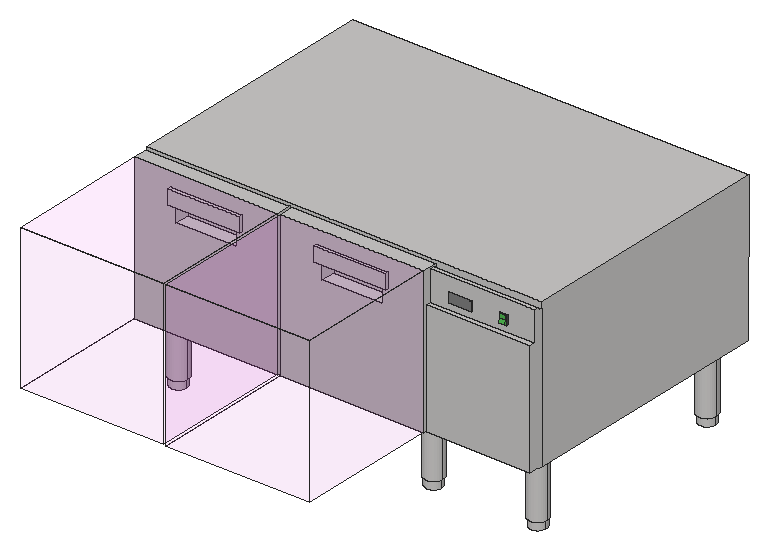
Revit family "QF_ELECTROLUXPROFESSIONAL_391603_E9TTAPCOMIN", category Specialty Equipment, Revit 2023
Family settings
  Round Connector Dimension = Use Diameter
  Part Type = Normal
  Work Plane-Based = No
  Enable Cutting in Views = No
  Always vertical = Yes
  Cut with Voids When Loaded = No
  Maintain Annotation Orientation = No
  Shared = No
  Room Calculation Point = No
Parameters (values of type "Standard")
  Weight = 114.00 kg
  Watts = 0 W
  Volts = 220 V
  URL Manufacturer = "http://www.electroluxprofessional.com"
  URL = "http://www.electroluxprofessional.com"
  Steam Supply Size = 0 mm
  Steam Supply Minimum Pressure = 0.0 Pa
  Steam Supply Maximum Pressure = 0.0 Pa
  Steam Pounds per Hour = 0
  Refrigeration Suction Line Size = 0 mm
  Refrigeration Liquid Line Size = 0 mm
  Refrigerant Compressor Remote = yes
  Default Elevation = 0 mm
  Manufacturer = "Electrolux Professional"
  Phase = 1
  Model = "E9TTAPCOMIN"
  Length Actual = 1200 mm
  Item Number = "391603"
  Hot Water Size = 0 mm
  Height Actual = 600 mm
  HP = "0.5 HP"
  Gas Size = 0 mm
  Gas KW = 0
  Gas Input Pressure = 0 W
  Description = "REFRIGERATED BASE WITH 2 DRAWERS 1200MM-60HZ - R290"
  Depth Actual = 830 mm
  Cycle = 60 Hz
  Condensate Return Size = 0 mm
  Compressed Air Volume = 0.0 L/s
  Compressed Air Size = 0 mm
  Compressed Air Pressure = 0.0 Pa
  Cold Water Size = 0 mm
  Accessory = no
Reference planes
  plane 1 "Center X": y = 0
  plane 2: z = 0
  plane 3 "Centro (Sinistra/Destra)": x = 0
  plane 4: z = 200
  plane 5 "TOP": z = 650
  plane 6 "BACK": y = 450
  plane 7 "FRONT": y = -450
  plane 8 "LEFT": x = -600
  plane 9 "RIGHT": x = 600
  plane 10: y = -403
  plane 11: y = -448
  plane 12: x = -545
  plane 13: x = 545
  plane 14: x = 229
  plane 15: y = 292
  plane 16: y = -350
  plane 17: x = 286
  plane 18: x = -599
  plane 19: x = 599
  plane 20: y = 290
  plane 21: x = 560
  plane 22: y = 380
Forms (mm)
  Extrusion 1, solid, material "QF_Finishes_Stainless Steel"
    sketch origin (0, 0, 650) x (-1, 0, 0) y (0, -1, 0)
      loop
        line (599, -380) -> (599, 403) -> (-599, 403) -> (-599, -380) -> (599, -380)
    from -450 to 0
  Extrusion 2, solid, material "QF_Finishes_Stainless Steel"
    sketch origin (196, -342.999, 0) x (-1, 0, 0) y (0, 0, 1)
      loop
        line (795, 201.587) -> (795, 640.994) -> (360.999, 640.994) -> (360.999, 201.587) -> (795, 201.587)
      loop
        line (671.3, 506.706) -> (671.3, 585) -> (484.699, 585) -> (484.699, 506.706) -> (671.3, 506.706)
    from -105.001 to -60.001
  Extrusion 3, solid, material "QF_Door-Drawer Clearances"
    sketch origin (196, -448, 0) x (1, 0, 0) y (0, 0, 1)
      loop
        line (-795, 640.994) -> (-795, 201.587) -> (-360.999, 201.587) -> (-360.999, 640.994) -> (-795, 640.994)
    from 0 to 434
  Extrusion 4, solid, material "QF_Finishes_Stainless Steel"
    sketch origin (599, 66.551, 0) x (0, 1, 0) y (0, 0, 1)
      loop
        line (-469.551, 629.527) -> (-486.314, 640.994) -> (-497.65, 640.994) -> (-497.65, 549.796) -> (-514.551, 549.796) -> (-514.551, 204.796) -> (-484.714, 204.796) -> (-474.993, 200) -> (-469.551, 200) -> (-469.551, 629.527)
    from 0 to -313
  Extrusion 5, solid, material "QF_Finishes_Black"
    sketch origin (583, -431.099, 630.994) x (0, 0, -1) y (1, 0, 0)
      loop
        line (32.198, -86.899) -> (61.199, -86.899) -> (61.199, -64.9) -> (32.198, -64.9) -> (32.198, -86.899)
    from 0 to 1.6
  Extrusion 6, solid, material "QF_Finishes_Grey"
    sketch origin (589, -431.099, 630.994) x (0, 0, -1) y (1, 0, 0)
      loop
        line (32.198, -248.099) -> (61.199, -248.099) -> (61.199, -178.099) -> (32.198, -178.099) -> (32.198, -248.099)
    from 0 to 1.6
  Extrusion 7, solid, material "QF_Finishes_Green"
    sketch origin (518.1, -431.099, 598.796) x (0, 0, -1) y (0, 1, 0)
      loop
        line (2.279, -3.281) -> (14.5, -3.281) -> (25.308, -8.985)
        arc (25.308, -8.985) -> (26.537, -5.394) -> (26.605, -1.6) r 12.221
        line (26.605, -1.6) -> (2.395, -1.6)
        arc (2.395, -1.6) -> (2.308, -2.439) -> (2.279, -3.281) r 12.221
    from -20 to -2
  Extrusion 8, solid, material "QF_Door-Drawer Clearances"
    sketch origin (638.501, -342.999, 0) x (1, 0, 0) y (0, 0, 1)
      loop
        line (-795, 640.994) -> (-795, 201.587) -> (-360.999, 201.587) -> (-360.999, 640.994) -> (-795, 640.994)
    from 105.001 to 539.001
  Extrusion 9, solid, material "QF_Finishes_Stainless Steel"
    sketch origin (196, -448, 0) x (1, 0, 0) y (0, 0, 1)
      loop
        line (-686.3, 598.969) -> (-686.3, 553.969) -> (-469.699, 553.969) -> (-469.699, 598.969) -> (-686.3, 598.969)
    from 0 to 10
  Extrusion 10, solid, material "QF_Finishes_Stainless Steel"
    sketch origin (638.501, -342.999, 0) x (-1, 0, 0) y (0, 0, 1)
      loop
        line (795, 201.587) -> (795, 640.994) -> (360.999, 640.994) -> (360.999, 201.587) -> (795, 201.587)
      loop
        line (671.3, 506.706) -> (671.3, 585) -> (484.699, 585) -> (484.699, 506.706) -> (671.3, 506.706)
    from -105.001 to -60.001
  Extrusion 11, solid, material "QF_Finishes_Stainless Steel"
    sketch origin (638.501, -448, 0) x (1, 0, 0) y (0, 0, 1)
      loop
        line (-686.3, 598.969) -> (-686.3, 553.969) -> (-469.699, 553.969) -> (-469.699, 598.969) -> (-686.3, 598.969)
    from 0 to 10
  Extrusion 12, solid, material "QF_Finishes_Stainless Steel"
    sketch origin (0, -30, 0) x (1, 0, 0) y (0, 1, 0)
      loop
        circle (560, 290) r 6
    from 189.987 to 200
Lines and regions (mm)
  Split face 1
    outline origin (589, -432.699, 630.994) x (0, 0, -1) y (1, 0, 0)
      loop
        line (37.198, -238.099) -> (52.198, -238.099) -> (52.198, -188.099) -> (37.198, -188.099) -> (37.198, -238.099)
  Split face 2
    outline origin (589, -432.699, 630.994) x (0, 0, -1) y (1, 0, 0)
      loop
        circle (44.698, -185.099) r 1.2
  Split face 3
    outline origin (589, -432.699, 630.994) x (0, 0, -1) y (1, 0, 0)
      loop
        circle (39.698, -185.099) r 1.2
  Split face 4
    outline origin (589, -432.699, 630.994) x (0, 0, -1) y (1, 0, 0)
      loop
        circle (49.698, -185.099) r 1.2
  Split face 5
    outline origin (589, -432.699, 630.994) x (0, 0, -1) y (1, 0, 0)
      loop
        circle (39.698, -241.099) r 1.2
  Split face 6
    outline origin (589, -432.699, 630.994) x (0, 0, -1) y (1, 0, 0)
      loop
        circle (44.698, -241.099) r 1.2
  Split face 7
    outline origin (589, -432.699, 630.994) x (0, 0, -1) y (1, 0, 0)
      loop
        circle (49.698, -241.099) r 1.2
  Split face 8
    outline origin (589, -432.699, 630.994) x (0, 0, -1) y (1, 0, 0)
      loop
        line (59.151, -238.099) -> (59.151, -227.099) -> (54.151, -227.099) -> (54.151, -238.099) -> (59.151, -238.099)
  Split face 9
    outline origin (589, -432.699, 630.994) x (0, 0, -1) y (1, 0, 0)
      loop
        line (54.151, -225.099) -> (59.151, -225.099) -> (59.151, -214.099) -> (54.151, -214.099) -> (54.151, -225.099)
  Split face 10
    outline origin (602, -432.699, 630.994) x (0, 0, -1) y (1, 0, 0)
      loop
        line (54.151, -225.099) -> (59.151, -225.099) -> (59.151, -214.099) -> (54.151, -214.099) -> (54.151, -225.099)
  Split face 11
    outline origin (615, -432.699, 630.994) x (0, 0, -1) y (1, 0, 0)
      loop
        line (54.151, -225.099) -> (59.151, -225.099) -> (59.151, -214.099) -> (54.151, -214.099) -> (54.151, -225.099)
  Split face 12
    outline origin (601.5, -448, 549.796) x (0, 0, -1) y (1, 0, 0)
      loop
        arc (52.48, -282.599) -> (56.5, -278.61) -> (52.5, -274.599) r 4
        line (52.5, -274.599) -> (20.5, -274.599)
        arc (20.5, -274.599) -> (16.5, -278.61) -> (20.521, -282.599) r 4
        line (20.521, -282.599) -> (52.48, -282.599)
  Split face 13
    outline origin (613.5, -448, 549.796) x (0, 0, -1) y (1, 0, 0)
      loop
        arc (52.48, -282.599) -> (56.5, -278.61) -> (52.5, -274.599) r 4
        line (52.5, -274.599) -> (20.5, -274.599)
        arc (20.5, -274.599) -> (16.5, -278.61) -> (20.521, -282.599) r 4
        line (20.521, -282.599) -> (52.48, -282.599)
  Split face 14
    outline origin (625.5, -448, 549.796) x (0, 0, -1) y (1, 0, 0)
      loop
        arc (52.48, -282.599) -> (56.5, -278.61) -> (52.5, -274.599) r 4
        line (52.5, -274.599) -> (20.5, -274.599)
        arc (20.5, -274.599) -> (16.5, -278.61) -> (20.521, -282.599) r 4
        line (20.521, -282.599) -> (52.48, -282.599)
  Split face 15
    outline origin (637.397, -448, 549.796) x (0, 0, -1) y (1, 0, 0)
      loop
        arc (52.48, -282.599) -> (56.5, -278.61) -> (52.5, -274.599) r 4
        line (52.5, -274.599) -> (20.5, -274.599)
        arc (20.5, -274.599) -> (16.5, -278.61) -> (20.521, -282.599) r 4
        line (20.521, -282.599) -> (52.48, -282.599)
  Split face 16
    outline origin (649.396, -448, 549.796) x (0, 0, -1) y (1, 0, 0)
      loop
        arc (52.48, -282.599) -> (56.5, -278.61) -> (52.5, -274.599) r 4
        line (52.5, -274.599) -> (20.5, -274.599)
        arc (20.5, -274.599) -> (16.5, -278.61) -> (20.521, -282.599) r 4
        line (20.521, -282.599) -> (52.48, -282.599)
  Split face 17
    outline origin (661.396, -448, 549.796) x (0, 0, -1) y (1, 0, 0)
      loop
        arc (52.48, -282.599) -> (56.5, -278.61) -> (52.5, -274.599) r 4
        line (52.5, -274.599) -> (20.5, -274.599)
        arc (20.5, -274.599) -> (16.5, -278.61) -> (20.521, -282.599) r 4
        line (20.521, -282.599) -> (52.48, -282.599)
  Split face 18
    outline origin (673.396, -448, 549.796) x (0, 0, -1) y (1, 0, 0)
      loop
        arc (52.48, -282.599) -> (56.5, -278.61) -> (52.5, -274.599) r 4
        line (52.5, -274.599) -> (20.5, -274.599)
        arc (20.5, -274.599) -> (16.5, -278.61) -> (20.521, -282.599) r 4
        line (20.521, -282.599) -> (52.48, -282.599)
  Split face 19
    outline origin (685.397, -448, 549.796) x (0, 0, -1) y (1, 0, 0)
      loop
        arc (52.48, -282.599) -> (56.5, -278.61) -> (52.5, -274.599) r 4
        line (52.5, -274.599) -> (20.5, -274.599)
        arc (20.5, -274.599) -> (16.5, -278.61) -> (20.521, -282.599) r 4
        line (20.521, -282.599) -> (52.48, -282.599)
  Split face 20
    outline origin (697.396, -448, 549.796) x (0, 0, -1) y (1, 0, 0)
      loop
        arc (52.48, -282.599) -> (56.5, -278.61) -> (52.5, -274.599) r 4
        line (52.5, -274.599) -> (20.5, -274.599)
        arc (20.5, -274.599) -> (16.5, -278.61) -> (20.521, -282.599) r 4
        line (20.521, -282.599) -> (52.48, -282.599)
  Split face 21
    outline origin (704.396, -448, 549.796) x (0, 0, -1) y (1, 0, 0)
      loop
        arc (52.48, -242.399) -> (56.5, -238.41) -> (52.5, -234.4) r 4
        line (52.5, -234.4) -> (20.5, -234.4)
        arc (20.5, -234.4) -> (16.5, -238.41) -> (20.521, -242.399) r 4
        line (20.521, -242.399) -> (52.48, -242.399)
  Split face 22
    outline origin (716.396, -448, 549.796) x (0, 0, -1) y (1, 0, 0)
      loop
        arc (52.48, -242.399) -> (56.5, -238.41) -> (52.5, -234.4) r 4
        line (52.5, -234.4) -> (20.5, -234.4)
        arc (20.5, -234.4) -> (16.5, -238.41) -> (20.521, -242.399) r 4
        line (20.521, -242.399) -> (52.48, -242.399)
  Split face 23
    outline origin (728.396, -448, 549.796) x (0, 0, -1) y (1, 0, 0)
      loop
        arc (52.48, -242.399) -> (56.5, -238.41) -> (52.5, -234.4) r 4
        line (52.5, -234.4) -> (20.5, -234.4)
        arc (20.5, -234.4) -> (16.5, -238.41) -> (20.521, -242.399) r 4
        line (20.521, -242.399) -> (52.48, -242.399)
  Split face 24
    outline origin (740.396, -448, 549.796) x (0, 0, -1) y (1, 0, 0)
      loop
        arc (52.48, -242.399) -> (56.5, -238.41) -> (52.5, -234.4) r 4
        line (52.5, -234.4) -> (20.5, -234.4)
        arc (20.5, -234.4) -> (16.5, -238.41) -> (20.521, -242.399) r 4
        line (20.521, -242.399) -> (52.48, -242.399)
  Split face 25
    outline origin (752.396, -448, 549.796) x (0, 0, -1) y (1, 0, 0)
      loop
        arc (52.48, -242.399) -> (56.5, -238.41) -> (52.5, -234.4) r 4
        line (52.5, -234.4) -> (20.5, -234.4)
        arc (20.5, -234.4) -> (16.5, -238.41) -> (20.521, -242.399) r 4
        line (20.521, -242.399) -> (52.48, -242.399)
  Split face 26
    outline origin (764.396, -448, 549.796) x (0, 0, -1) y (1, 0, 0)
      loop
        arc (52.48, -242.399) -> (56.5, -238.41) -> (52.5, -234.4) r 4
        line (52.5, -234.4) -> (20.5, -234.4)
        arc (20.5, -234.4) -> (16.5, -238.41) -> (20.521, -242.399) r 4
        line (20.521, -242.399) -> (52.48, -242.399)
  Split face 27
    outline origin (776.396, -448, 549.796) x (0, 0, -1) y (1, 0, 0)
      loop
        arc (52.48, -242.399) -> (56.5, -238.41) -> (52.5, -234.4) r 4
        line (52.5, -234.4) -> (20.5, -234.4)
        arc (20.5, -234.4) -> (16.5, -238.41) -> (20.521, -242.399) r 4
        line (20.521, -242.399) -> (52.48, -242.399)
  Split face 28
    outline origin (788.396, -448, 549.796) x (0, 0, -1) y (1, 0, 0)
      loop
        arc (52.48, -242.399) -> (56.5, -238.41) -> (52.5, -234.4) r 4
        line (52.5, -234.4) -> (20.5, -234.4)
        arc (20.5, -234.4) -> (16.5, -238.41) -> (20.521, -242.399) r 4
        line (20.521, -242.399) -> (52.48, -242.399)
  Split face 29
    outline origin (800.396, -448, 549.796) x (0, 0, -1) y (1, 0, 0)
      loop
        arc (52.48, -242.399) -> (56.5, -238.41) -> (52.5, -234.4) r 4
        line (52.5, -234.4) -> (20.5, -234.4)
        arc (20.5, -234.4) -> (16.5, -238.41) -> (20.521, -242.399) r 4
        line (20.521, -242.399) -> (52.48, -242.399)
  Split face 30
    outline origin (812.396, -448, 549.796) x (0, 0, -1) y (1, 0, 0)
      loop
        arc (52.48, -242.399) -> (56.5, -238.41) -> (52.5, -234.4) r 4
        line (52.5, -234.4) -> (20.5, -234.4)
        arc (20.5, -234.4) -> (16.5, -238.41) -> (20.521, -242.399) r 4
        line (20.521, -242.399) -> (52.48, -242.399)
  Split face 31
    outline origin (589.5, -448, 549.796) x (0, 0, -1) y (1, 0, 0)
      loop
        arc (52.48, -282.599) -> (56.5, -278.61) -> (52.5, -274.599) r 4
        line (52.5, -274.599) -> (20.5, -274.599)
        arc (20.5, -274.599) -> (16.5, -278.61) -> (20.521, -282.599) r 4
        line (20.521, -282.599) -> (52.48, -282.599)
  Split face 32
    outline origin (601.5, -448, 504.794) x (0, 0, -1) y (1, 0, 0)
      loop
        arc (52.48, -282.599) -> (56.5, -278.61) -> (52.5, -274.599) r 4
        line (52.5, -274.599) -> (20.5, -274.599)
        arc (20.5, -274.599) -> (16.5, -278.61) -> (20.521, -282.599) r 4
        line (20.521, -282.599) -> (52.48, -282.599)
  Split face 33
    outline origin (613.5, -448, 504.794) x (0, 0, -1) y (1, 0, 0)
      loop
        arc (52.48, -282.599) -> (56.5, -278.61) -> (52.5, -274.599) r 4
        line (52.5, -274.599) -> (20.5, -274.599)
        arc (20.5, -274.599) -> (16.5, -278.61) -> (20.521, -282.599) r 4
        line (20.521, -282.599) -> (52.48, -282.599)
  Split face 34
    outline origin (625.5, -448, 504.794) x (0, 0, -1) y (1, 0, 0)
      loop
        arc (52.48, -282.599) -> (56.5, -278.61) -> (52.5, -274.599) r 4
        line (52.5, -274.599) -> (20.5, -274.599)
        arc (20.5, -274.599) -> (16.5, -278.61) -> (20.521, -282.599) r 4
        line (20.521, -282.599) -> (52.48, -282.599)
  Split face 35
    outline origin (637.397, -448, 504.794) x (0, 0, -1) y (1, 0, 0)
      loop
        arc (52.48, -282.599) -> (56.5, -278.61) -> (52.5, -274.599) r 4
        line (52.5, -274.599) -> (20.5, -274.599)
        arc (20.5, -274.599) -> (16.5, -278.61) -> (20.521, -282.599) r 4
        line (20.521, -282.599) -> (52.48, -282.599)
  Split face 36
    outline origin (649.396, -448, 504.794) x (0, 0, -1) y (1, 0, 0)
      loop
        arc (52.48, -282.599) -> (56.5, -278.61) -> (52.5, -274.599) r 4
        line (52.5, -274.599) -> (20.5, -274.599)
        arc (20.5, -274.599) -> (16.5, -278.61) -> (20.521, -282.599) r 4
        line (20.521, -282.599) -> (52.48, -282.599)
  Split face 37
    outline origin (661.396, -448, 504.794) x (0, 0, -1) y (1, 0, 0)
      loop
        arc (52.48, -282.599) -> (56.5, -278.61) -> (52.5, -274.599) r 4
        line (52.5, -274.599) -> (20.5, -274.599)
        arc (20.5, -274.599) -> (16.5, -278.61) -> (20.521, -282.599) r 4
        line (20.521, -282.599) -> (52.48, -282.599)
  Split face 38
    outline origin (673.396, -448, 504.794) x (0, 0, -1) y (1, 0, 0)
      loop
        arc (52.48, -282.599) -> (56.5, -278.61) -> (52.5, -274.599) r 4
        line (52.5, -274.599) -> (20.5, -274.599)
        arc (20.5, -274.599) -> (16.5, -278.61) -> (20.521, -282.599) r 4
        line (20.521, -282.599) -> (52.48, -282.599)
  Split face 39
    outline origin (685.397, -448, 504.794) x (0, 0, -1) y (1, 0, 0)
      loop
        arc (52.48, -282.599) -> (56.5, -278.61) -> (52.5, -274.599) r 4
        line (52.5, -274.599) -> (20.5, -274.599)
        arc (20.5, -274.599) -> (16.5, -278.61) -> (20.521, -282.599) r 4
        line (20.521, -282.599) -> (52.48, -282.599)
  Split face 40
    outline origin (697.396, -448, 504.794) x (0, 0, -1) y (1, 0, 0)
      loop
        arc (52.48, -282.599) -> (56.5, -278.61) -> (52.5, -274.599) r 4
        line (52.5, -274.599) -> (20.5, -274.599)
        arc (20.5, -274.599) -> (16.5, -278.61) -> (20.521, -282.599) r 4
        line (20.521, -282.599) -> (52.48, -282.599)
  Split face 41
    outline origin (704.396, -448, 504.794) x (0, 0, -1) y (1, 0, 0)
      loop
        arc (52.48, -242.399) -> (56.5, -238.41) -> (52.5, -234.4) r 4
        line (52.5, -234.4) -> (20.5, -234.4)
        arc (20.5, -234.4) -> (16.5, -238.41) -> (20.521, -242.399) r 4
        line (20.521, -242.399) -> (52.48, -242.399)
  Split face 42
    outline origin (716.396, -448, 504.794) x (0, 0, -1) y (1, 0, 0)
      loop
        arc (52.48, -242.399) -> (56.5, -238.41) -> (52.5, -234.4) r 4
        line (52.5, -234.4) -> (20.5, -234.4)
        arc (20.5, -234.4) -> (16.5, -238.41) -> (20.521, -242.399) r 4
        line (20.521, -242.399) -> (52.48, -242.399)
  Split face 43
    outline origin (728.396, -448, 504.794) x (0, 0, -1) y (1, 0, 0)
      loop
        arc (52.48, -242.399) -> (56.5, -238.41) -> (52.5, -234.4) r 4
        line (52.5, -234.4) -> (20.5, -234.4)
        arc (20.5, -234.4) -> (16.5, -238.41) -> (20.521, -242.399) r 4
        line (20.521, -242.399) -> (52.48, -242.399)
  Split face 44
    outline origin (740.396, -448, 504.794) x (0, 0, -1) y (1, 0, 0)
      loop
        arc (52.48, -242.399) -> (56.5, -238.41) -> (52.5, -234.4) r 4
        line (52.5, -234.4) -> (20.5, -234.4)
        arc (20.5, -234.4) -> (16.5, -238.41) -> (20.521, -242.399) r 4
        line (20.521, -242.399) -> (52.48, -242.399)
  Split face 45
    outline origin (752.396, -448, 504.794) x (0, 0, -1) y (1, 0, 0)
      loop
        arc (52.48, -242.399) -> (56.5, -238.41) -> (52.5, -234.4) r 4
        line (52.5, -234.4) -> (20.5, -234.4)
        arc (20.5, -234.4) -> (16.5, -238.41) -> (20.521, -242.399) r 4
        line (20.521, -242.399) -> (52.48, -242.399)
  Split face 46
    outline origin (764.396, -448, 504.794) x (0, 0, -1) y (1, 0, 0)
      loop
        arc (52.48, -242.399) -> (56.5, -238.41) -> (52.5, -234.4) r 4
        line (52.5, -234.4) -> (20.5, -234.4)
        arc (20.5, -234.4) -> (16.5, -238.41) -> (20.521, -242.399) r 4
        line (20.521, -242.399) -> (52.48, -242.399)
  Split face 47
    outline origin (776.396, -448, 504.794) x (0, 0, -1) y (1, 0, 0)
      loop
        arc (52.48, -242.399) -> (56.5, -238.41) -> (52.5, -234.4) r 4
        line (52.5, -234.4) -> (20.5, -234.4)
        arc (20.5, -234.4) -> (16.5, -238.41) -> (20.521, -242.399) r 4
        line (20.521, -242.399) -> (52.48, -242.399)
  Split face 48
    outline origin (788.396, -448, 504.794) x (0, 0, -1) y (1, 0, 0)
      loop
        arc (52.48, -242.399) -> (56.5, -238.41) -> (52.5, -234.4) r 4
        line (52.5, -234.4) -> (20.5, -234.4)
        arc (20.5, -234.4) -> (16.5, -238.41) -> (20.521, -242.399) r 4
        line (20.521, -242.399) -> (52.48, -242.399)
  Split face 49
    outline origin (800.396, -448, 504.794) x (0, 0, -1) y (1, 0, 0)
      loop
        arc (52.48, -242.399) -> (56.5, -238.41) -> (52.5, -234.4) r 4
        line (52.5, -234.4) -> (20.5, -234.4)
        arc (20.5, -234.4) -> (16.5, -238.41) -> (20.521, -242.399) r 4
        line (20.521, -242.399) -> (52.48, -242.399)
  Split face 50
    outline origin (812.396, -448, 504.794) x (0, 0, -1) y (1, 0, 0)
      loop
        arc (52.48, -242.399) -> (56.5, -238.41) -> (52.5, -234.4) r 4
        line (52.5, -234.4) -> (20.5, -234.4)
        arc (20.5, -234.4) -> (16.5, -238.41) -> (20.521, -242.399) r 4
        line (20.521, -242.399) -> (52.48, -242.399)
  Split face 51
    outline origin (589.5, -448, 504.794) x (0, 0, -1) y (1, 0, 0)
      loop
        arc (52.48, -282.599) -> (56.5, -278.61) -> (52.5, -274.599) r 4
        line (52.5, -274.599) -> (20.5, -274.599)
        arc (20.5, -274.599) -> (16.5, -278.61) -> (20.521, -282.599) r 4
        line (20.521, -282.599) -> (52.48, -282.599)
  Split face 52
    outline origin (601.5, -448, 459.794) x (0, 0, -1) y (1, 0, 0)
      loop
        arc (52.48, -282.599) -> (56.5, -278.61) -> (52.5, -274.599) r 4
        line (52.5, -274.599) -> (20.5, -274.599)
        arc (20.5, -274.599) -> (16.5, -278.61) -> (20.521, -282.599) r 4
        line (20.521, -282.599) -> (52.48, -282.599)
  Split face 53
    outline origin (613.5, -448, 459.794) x (0, 0, -1) y (1, 0, 0)
      loop
        arc (52.48, -282.599) -> (56.5, -278.61) -> (52.5, -274.599) r 4
        line (52.5, -274.599) -> (20.5, -274.599)
        arc (20.5, -274.599) -> (16.5, -278.61) -> (20.521, -282.599) r 4
        line (20.521, -282.599) -> (52.48, -282.599)
  Split face 54
    outline origin (625.5, -448, 459.794) x (0, 0, -1) y (1, 0, 0)
      loop
        arc (52.48, -282.599) -> (56.5, -278.61) -> (52.5, -274.599) r 4
        line (52.5, -274.599) -> (20.5, -274.599)
        arc (20.5, -274.599) -> (16.5, -278.61) -> (20.521, -282.599) r 4
        line (20.521, -282.599) -> (52.48, -282.599)
  Split face 55
    outline origin (637.397, -448, 459.794) x (0, 0, -1) y (1, 0, 0)
      loop
        arc (52.48, -282.599) -> (56.5, -278.61) -> (52.5, -274.599) r 4
        line (52.5, -274.599) -> (20.5, -274.599)
        arc (20.5, -274.599) -> (16.5, -278.61) -> (20.521, -282.599) r 4
        line (20.521, -282.599) -> (52.48, -282.599)
  Split face 56
    outline origin (649.396, -448, 459.794) x (0, 0, -1) y (1, 0, 0)
      loop
        arc (52.48, -282.599) -> (56.5, -278.61) -> (52.5, -274.599) r 4
        line (52.5, -274.599) -> (20.5, -274.599)
        arc (20.5, -274.599) -> (16.5, -278.61) -> (20.521, -282.599) r 4
        line (20.521, -282.599) -> (52.48, -282.599)
  Split face 57
    outline origin (661.396, -448, 459.794) x (0, 0, -1) y (1, 0, 0)
      loop
        arc (52.48, -282.599) -> (56.5, -278.61) -> (52.5, -274.599) r 4
        line (52.5, -274.599) -> (20.5, -274.599)
        arc (20.5, -274.599) -> (16.5, -278.61) -> (20.521, -282.599) r 4
        line (20.521, -282.599) -> (52.48, -282.599)
  Split face 58
    outline origin (673.396, -448, 459.794) x (0, 0, -1) y (1, 0, 0)
      loop
        arc (52.48, -282.599) -> (56.5, -278.61) -> (52.5, -274.599) r 4
        line (52.5, -274.599) -> (20.5, -274.599)
        arc (20.5, -274.599) -> (16.5, -278.61) -> (20.521, -282.599) r 4
        line (20.521, -282.599) -> (52.48, -282.599)
  Split face 59
    outline origin (685.397, -448, 459.794) x (0, 0, -1) y (1, 0, 0)
      loop
        arc (52.48, -282.599) -> (56.5, -278.61) -> (52.5, -274.599) r 4
        line (52.5, -274.599) -> (20.5, -274.599)
        arc (20.5, -274.599) -> (16.5, -278.61) -> (20.521, -282.599) r 4
        line (20.521, -282.599) -> (52.48, -282.599)
  Split face 60
    outline origin (697.396, -448, 459.794) x (0, 0, -1) y (1, 0, 0)
      loop
        arc (52.48, -282.599) -> (56.5, -278.61) -> (52.5, -274.599) r 4
        line (52.5, -274.599) -> (20.5, -274.599)
        arc (20.5, -274.599) -> (16.5, -278.61) -> (20.521, -282.599) r 4
        line (20.521, -282.599) -> (52.48, -282.599)
  Split face 61
    outline origin (704.396, -448, 459.794) x (0, 0, -1) y (1, 0, 0)
      loop
        arc (52.48, -242.399) -> (56.5, -238.41) -> (52.5, -234.4) r 4
        line (52.5, -234.4) -> (20.5, -234.4)
        arc (20.5, -234.4) -> (16.5, -238.41) -> (20.521, -242.399) r 4
        line (20.521, -242.399) -> (52.48, -242.399)
  Split face 62
    outline origin (716.396, -448, 459.794) x (0, 0, -1) y (1, 0, 0)
      loop
        arc (52.48, -242.399) -> (56.5, -238.41) -> (52.5, -234.4) r 4
        line (52.5, -234.4) -> (20.5, -234.4)
        arc (20.5, -234.4) -> (16.5, -238.41) -> (20.521, -242.399) r 4
        line (20.521, -242.399) -> (52.48, -242.399)
  Split face 63
    outline origin (728.396, -448, 459.794) x (0, 0, -1) y (1, 0, 0)
      loop
        arc (52.48, -242.399) -> (56.5, -238.41) -> (52.5, -234.4) r 4
        line (52.5, -234.4) -> (20.5, -234.4)
        arc (20.5, -234.4) -> (16.5, -238.41) -> (20.521, -242.399) r 4
        line (20.521, -242.399) -> (52.48, -242.399)
  Split face 64
    outline origin (740.396, -448, 459.794) x (0, 0, -1) y (1, 0, 0)
      loop
        arc (52.48, -242.399) -> (56.5, -238.41) -> (52.5, -234.4) r 4
        line (52.5, -234.4) -> (20.5, -234.4)
        arc (20.5, -234.4) -> (16.5, -238.41) -> (20.521, -242.399) r 4
        line (20.521, -242.399) -> (52.48, -242.399)
  Split face 65
    outline origin (752.396, -448, 459.794) x (0, 0, -1) y (1, 0, 0)
      loop
        arc (52.48, -242.399) -> (56.5, -238.41) -> (52.5, -234.4) r 4
        line (52.5, -234.4) -> (20.5, -234.4)
        arc (20.5, -234.4) -> (16.5, -238.41) -> (20.521, -242.399) r 4
        line (20.521, -242.399) -> (52.48, -242.399)
  Split face 66
    outline origin (764.396, -448, 459.794) x (0, 0, -1) y (1, 0, 0)
      loop
        arc (52.48, -242.399) -> (56.5, -238.41) -> (52.5, -234.4) r 4
        line (52.5, -234.4) -> (20.5, -234.4)
        arc (20.5, -234.4) -> (16.5, -238.41) -> (20.521, -242.399) r 4
        line (20.521, -242.399) -> (52.48, -242.399)
  Split face 67
    outline origin (776.396, -448, 459.794) x (0, 0, -1) y (1, 0, 0)
      loop
        arc (52.48, -242.399) -> (56.5, -238.41) -> (52.5, -234.4) r 4
        line (52.5, -234.4) -> (20.5, -234.4)
        arc (20.5, -234.4) -> (16.5, -238.41) -> (20.521, -242.399) r 4
        line (20.521, -242.399) -> (52.48, -242.399)
  Split face 68
    outline origin (788.396, -448, 459.794) x (0, 0, -1) y (1, 0, 0)
      loop
        arc (52.48, -242.399) -> (56.5, -238.41) -> (52.5, -234.4) r 4
        line (52.5, -234.4) -> (20.5, -234.4)
        arc (20.5, -234.4) -> (16.5, -238.41) -> (20.521, -242.399) r 4
        line (20.521, -242.399) -> (52.48, -242.399)
  Split face 69
    outline origin (800.396, -448, 459.794) x (0, 0, -1) y (1, 0, 0)
      loop
        arc (52.48, -242.399) -> (56.5, -238.41) -> (52.5, -234.4) r 4
        line (52.5, -234.4) -> (20.5, -234.4)
        arc (20.5, -234.4) -> (16.5, -238.41) -> (20.521, -242.399) r 4
        line (20.521, -242.399) -> (52.48, -242.399)
  Split face 70
    outline origin (812.396, -448, 459.794) x (0, 0, -1) y (1, 0, 0)
      loop
        arc (52.48, -242.399) -> (56.5, -238.41) -> (52.5, -234.4) r 4
        line (52.5, -234.4) -> (20.5, -234.4)
        arc (20.5, -234.4) -> (16.5, -238.41) -> (20.521, -242.399) r 4
        line (20.521, -242.399) -> (52.48, -242.399)
  Split face 71
    outline origin (589.5, -448, 459.794) x (0, 0, -1) y (1, 0, 0)
      loop
        arc (52.48, -282.599) -> (56.5, -278.61) -> (52.5, -274.599) r 4
        line (52.5, -274.599) -> (20.5, -274.599)
        arc (20.5, -274.599) -> (16.5, -278.61) -> (20.521, -282.599) r 4
        line (20.521, -282.599) -> (52.48, -282.599)
  Split face 72
    outline origin (601.5, -448, 414.794) x (0, 0, -1) y (1, 0, 0)
      loop
        arc (52.48, -282.599) -> (56.5, -278.61) -> (52.5, -274.599) r 4
        line (52.5, -274.599) -> (20.5, -274.599)
        arc (20.5, -274.599) -> (16.5, -278.61) -> (20.521, -282.599) r 4
        line (20.521, -282.599) -> (52.48, -282.599)
  Split face 73
    outline origin (613.5, -448, 414.794) x (0, 0, -1) y (1, 0, 0)
      loop
        arc (52.48, -282.599) -> (56.5, -278.61) -> (52.5, -274.599) r 4
        line (52.5, -274.599) -> (20.5, -274.599)
        arc (20.5, -274.599) -> (16.5, -278.61) -> (20.521, -282.599) r 4
        line (20.521, -282.599) -> (52.48, -282.599)
  Split face 74
    outline origin (625.5, -448, 414.794) x (0, 0, -1) y (1, 0, 0)
      loop
        arc (52.48, -282.599) -> (56.5, -278.61) -> (52.5, -274.599) r 4
        line (52.5, -274.599) -> (20.5, -274.599)
        arc (20.5, -274.599) -> (16.5, -278.61) -> (20.521, -282.599) r 4
        line (20.521, -282.599) -> (52.48, -282.599)
  Split face 75
    outline origin (637.397, -448, 414.794) x (0, 0, -1) y (1, 0, 0)
      loop
        arc (52.48, -282.599) -> (56.5, -278.61) -> (52.5, -274.599) r 4
        line (52.5, -274.599) -> (20.5, -274.599)
        arc (20.5, -274.599) -> (16.5, -278.61) -> (20.521, -282.599) r 4
        line (20.521, -282.599) -> (52.48, -282.599)
  Split face 76
    outline origin (649.396, -448, 414.794) x (0, 0, -1) y (1, 0, 0)
      loop
        arc (52.48, -282.599) -> (56.5, -278.61) -> (52.5, -274.599) r 4
        line (52.5, -274.599) -> (20.5, -274.599)
        arc (20.5, -274.599) -> (16.5, -278.61) -> (20.521, -282.599) r 4
        line (20.521, -282.599) -> (52.48, -282.599)
  Split face 77
    outline origin (661.396, -448, 414.794) x (0, 0, -1) y (1, 0, 0)
      loop
        arc (52.48, -282.599) -> (56.5, -278.61) -> (52.5, -274.599) r 4
        line (52.5, -274.599) -> (20.5, -274.599)
        arc (20.5, -274.599) -> (16.5, -278.61) -> (20.521, -282.599) r 4
        line (20.521, -282.599) -> (52.48, -282.599)
  Split face 78
    outline origin (673.396, -448, 414.794) x (0, 0, -1) y (1, 0, 0)
      loop
        arc (52.48, -282.599) -> (56.5, -278.61) -> (52.5, -274.599) r 4
        line (52.5, -274.599) -> (20.5, -274.599)
        arc (20.5, -274.599) -> (16.5, -278.61) -> (20.521, -282.599) r 4
        line (20.521, -282.599) -> (52.48, -282.599)
  Split face 79
    outline origin (685.397, -448, 414.794) x (0, 0, -1) y (1, 0, 0)
      loop
        arc (52.48, -282.599) -> (56.5, -278.61) -> (52.5, -274.599) r 4
        line (52.5, -274.599) -> (20.5, -274.599)
        arc (20.5, -274.599) -> (16.5, -278.61) -> (20.521, -282.599) r 4
        line (20.521, -282.599) -> (52.48, -282.599)
  Split face 80
    outline origin (697.396, -448, 414.794) x (0, 0, -1) y (1, 0, 0)
      loop
        arc (52.48, -282.599) -> (56.5, -278.61) -> (52.5, -274.599) r 4
        line (52.5, -274.599) -> (20.5, -274.599)
        arc (20.5, -274.599) -> (16.5, -278.61) -> (20.521, -282.599) r 4
        line (20.521, -282.599) -> (52.48, -282.599)
  Split face 81
    outline origin (704.396, -448, 414.794) x (0, 0, -1) y (1, 0, 0)
      loop
        arc (52.48, -242.399) -> (56.5, -238.41) -> (52.5, -234.4) r 4
        line (52.5, -234.4) -> (20.5, -234.4)
        arc (20.5, -234.4) -> (16.5, -238.41) -> (20.521, -242.399) r 4
        line (20.521, -242.399) -> (52.48, -242.399)
  Split face 82
    outline origin (716.396, -448, 414.794) x (0, 0, -1) y (1, 0, 0)
      loop
        arc (52.48, -242.399) -> (56.5, -238.41) -> (52.5, -234.4) r 4
        line (52.5, -234.4) -> (20.5, -234.4)
        arc (20.5, -234.4) -> (16.5, -238.41) -> (20.521, -242.399) r 4
        line (20.521, -242.399) -> (52.48, -242.399)
  Split face 83
    outline origin (728.396, -448, 414.794) x (0, 0, -1) y (1, 0, 0)
      loop
        arc (52.48, -242.399) -> (56.5, -238.41) -> (52.5, -234.4) r 4
        line (52.5, -234.4) -> (20.5, -234.4)
        arc (20.5, -234.4) -> (16.5, -238.41) -> (20.521, -242.399) r 4
        line (20.521, -242.399) -> (52.48, -242.399)
  Split face 84
    outline origin (740.396, -448, 414.794) x (0, 0, -1) y (1, 0, 0)
      loop
        arc (52.48, -242.399) -> (56.5, -238.41) -> (52.5, -234.4) r 4
        line (52.5, -234.4) -> (20.5, -234.4)
        arc (20.5, -234.4) -> (16.5, -238.41) -> (20.521, -242.399) r 4
        line (20.521, -242.399) -> (52.48, -242.399)
  Split face 85
    outline origin (752.396, -448, 414.794) x (0, 0, -1) y (1, 0, 0)
      loop
        arc (52.48, -242.399) -> (56.5, -238.41) -> (52.5, -234.4) r 4
        line (52.5, -234.4) -> (20.5, -234.4)
        arc (20.5, -234.4) -> (16.5, -238.41) -> (20.521, -242.399) r 4
        line (20.521, -242.399) -> (52.48, -242.399)
  Split face 86
    outline origin (764.396, -448, 414.794) x (0, 0, -1) y (1, 0, 0)
      loop
        arc (52.48, -242.399) -> (56.5, -238.41) -> (52.5, -234.4) r 4
        line (52.5, -234.4) -> (20.5, -234.4)
        arc (20.5, -234.4) -> (16.5, -238.41) -> (20.521, -242.399) r 4
        line (20.521, -242.399) -> (52.48, -242.399)
  Split face 87
    outline origin (776.396, -448, 414.794) x (0, 0, -1) y (1, 0, 0)
      loop
        arc (52.48, -242.399) -> (56.5, -238.41) -> (52.5, -234.4) r 4
        line (52.5, -234.4) -> (20.5, -234.4)
        arc (20.5, -234.4) -> (16.5, -238.41) -> (20.521, -242.399) r 4
        line (20.521, -242.399) -> (52.48, -242.399)
  Split face 88
    outline origin (788.396, -448, 414.794) x (0, 0, -1) y (1, 0, 0)
      loop
        arc (52.48, -242.399) -> (56.5, -238.41) -> (52.5, -234.4) r 4
        line (52.5, -234.4) -> (20.5, -234.4)
        arc (20.5, -234.4) -> (16.5, -238.41) -> (20.521, -242.399) r 4
        line (20.521, -242.399) -> (52.48, -242.399)
  Split face 89
    outline origin (800.396, -448, 414.794) x (0, 0, -1) y (1, 0, 0)
      loop
        arc (52.48, -242.399) -> (56.5, -238.41) -> (52.5, -234.4) r 4
        line (52.5, -234.4) -> (20.5, -234.4)
        arc (20.5, -234.4) -> (16.5, -238.41) -> (20.521, -242.399) r 4
        line (20.521, -242.399) -> (52.48, -242.399)
  Split face 90
    outline origin (812.396, -448, 414.794) x (0, 0, -1) y (1, 0, 0)
      loop
        arc (52.48, -242.399) -> (56.5, -238.41) -> (52.5, -234.4) r 4
        line (52.5, -234.4) -> (20.5, -234.4)
        arc (20.5, -234.4) -> (16.5, -238.41) -> (20.521, -242.399) r 4
        line (20.521, -242.399) -> (52.48, -242.399)
  Split face 91
    outline origin (589.5, -448, 414.794) x (0, 0, -1) y (1, 0, 0)
      loop
        arc (52.48, -282.599) -> (56.5, -278.61) -> (52.5, -274.599) r 4
        line (52.5, -274.599) -> (20.5, -274.599)
        arc (20.5, -274.599) -> (16.5, -278.61) -> (20.521, -282.599) r 4
        line (20.521, -282.599) -> (52.48, -282.599)
  Split face 92
    outline origin (601.5, -448, 369.794) x (0, 0, -1) y (1, 0, 0)
      loop
        arc (52.48, -282.599) -> (56.5, -278.61) -> (52.5, -274.599) r 4
        line (52.5, -274.599) -> (20.5, -274.599)
        arc (20.5, -274.599) -> (16.5, -278.61) -> (20.521, -282.599) r 4
        line (20.521, -282.599) -> (52.48, -282.599)
  Split face 93
    outline origin (613.5, -448, 369.794) x (0, 0, -1) y (1, 0, 0)
      loop
        arc (52.48, -282.599) -> (56.5, -278.61) -> (52.5, -274.599) r 4
        line (52.5, -274.599) -> (20.5, -274.599)
        arc (20.5, -274.599) -> (16.5, -278.61) -> (20.521, -282.599) r 4
        line (20.521, -282.599) -> (52.48, -282.599)
  Split face 94
    outline origin (625.5, -448, 369.794) x (0, 0, -1) y (1, 0, 0)
      loop
        arc (52.48, -282.599) -> (56.5, -278.61) -> (52.5, -274.599) r 4
        line (52.5, -274.599) -> (20.5, -274.599)
        arc (20.5, -274.599) -> (16.5, -278.61) -> (20.521, -282.599) r 4
        line (20.521, -282.599) -> (52.48, -282.599)
  Split face 95
    outline origin (637.397, -448, 369.794) x (0, 0, -1) y (1, 0, 0)
      loop
        arc (52.48, -282.599) -> (56.5, -278.61) -> (52.5, -274.599) r 4
        line (52.5, -274.599) -> (20.5, -274.599)
        arc (20.5, -274.599) -> (16.5, -278.61) -> (20.521, -282.599) r 4
        line (20.521, -282.599) -> (52.48, -282.599)
  Split face 96
    outline origin (649.396, -448, 369.794) x (0, 0, -1) y (1, 0, 0)
      loop
        arc (52.48, -282.599) -> (56.5, -278.61) -> (52.5, -274.599) r 4
        line (52.5, -274.599) -> (20.5, -274.599)
        arc (20.5, -274.599) -> (16.5, -278.61) -> (20.521, -282.599) r 4
        line (20.521, -282.599) -> (52.48, -282.599)
  Split face 97
    outline origin (661.396, -448, 369.794) x (0, 0, -1) y (1, 0, 0)
      loop
        arc (52.48, -282.599) -> (56.5, -278.61) -> (52.5, -274.599) r 4
        line (52.5, -274.599) -> (20.5, -274.599)
        arc (20.5, -274.599) -> (16.5, -278.61) -> (20.521, -282.599) r 4
        line (20.521, -282.599) -> (52.48, -282.599)
  Split face 98
    outline origin (673.396, -448, 369.794) x (0, 0, -1) y (1, 0, 0)
      loop
        arc (52.48, -282.599) -> (56.5, -278.61) -> (52.5, -274.599) r 4
        line (52.5, -274.599) -> (20.5, -274.599)
        arc (20.5, -274.599) -> (16.5, -278.61) -> (20.521, -282.599) r 4
        line (20.521, -282.599) -> (52.48, -282.599)
  Split face 99
    outline origin (685.397, -448, 369.794) x (0, 0, -1) y (1, 0, 0)
      loop
        arc (52.48, -282.599) -> (56.5, -278.61) -> (52.5, -274.599) r 4
        line (52.5, -274.599) -> (20.5, -274.599)
        arc (20.5, -274.599) -> (16.5, -278.61) -> (20.521, -282.599) r 4
        line (20.521, -282.599) -> (52.48, -282.599)
  Split face 100
    outline origin (697.396, -448, 369.794) x (0, 0, -1) y (1, 0, 0)
      loop
        arc (52.48, -282.599) -> (56.5, -278.61) -> (52.5, -274.599) r 4
        line (52.5, -274.599) -> (20.5, -274.599)
        arc (20.5, -274.599) -> (16.5, -278.61) -> (20.521, -282.599) r 4
        line (20.521, -282.599) -> (52.48, -282.599)
  Split face 101
    outline origin (704.396, -448, 369.794) x (0, 0, -1) y (1, 0, 0)
      loop
        arc (52.48, -242.399) -> (56.5, -238.41) -> (52.5, -234.4) r 4
        line (52.5, -234.4) -> (20.5, -234.4)
        arc (20.5, -234.4) -> (16.5, -238.41) -> (20.521, -242.399) r 4
        line (20.521, -242.399) -> (52.48, -242.399)
  Split face 102
    outline origin (716.396, -448, 369.794) x (0, 0, -1) y (1, 0, 0)
      loop
        arc (52.48, -242.399) -> (56.5, -238.41) -> (52.5, -234.4) r 4
        line (52.5, -234.4) -> (20.5, -234.4)
        arc (20.5, -234.4) -> (16.5, -238.41) -> (20.521, -242.399) r 4
        line (20.521, -242.399) -> (52.48, -242.399)
  Split face 103
    outline origin (728.396, -448, 369.794) x (0, 0, -1) y (1, 0, 0)
      loop
        arc (52.48, -242.399) -> (56.5, -238.41) -> (52.5, -234.4) r 4
        line (52.5, -234.4) -> (20.5, -234.4)
        arc (20.5, -234.4) -> (16.5, -238.41) -> (20.521, -242.399) r 4
        line (20.521, -242.399) -> (52.48, -242.399)
  Split face 104
    outline origin (740.396, -448, 369.794) x (0, 0, -1) y (1, 0, 0)
      loop
        arc (52.48, -242.399) -> (56.5, -238.41) -> (52.5, -234.4) r 4
        line (52.5, -234.4) -> (20.5, -234.4)
        arc (20.5, -234.4) -> (16.5, -238.41) -> (20.521, -242.399) r 4
        line (20.521, -242.399) -> (52.48, -242.399)
  Split face 105
    outline origin (752.396, -448, 369.794) x (0, 0, -1) y (1, 0, 0)
      loop
        arc (52.48, -242.399) -> (56.5, -238.41) -> (52.5, -234.4) r 4
        line (52.5, -234.4) -> (20.5, -234.4)
        arc (20.5, -234.4) -> (16.5, -238.41) -> (20.521, -242.399) r 4
        line (20.521, -242.399) -> (52.48, -242.399)
  Split face 106
    outline origin (764.396, -448, 369.794) x (0, 0, -1) y (1, 0, 0)
      loop
        arc (52.48, -242.399) -> (56.5, -238.41) -> (52.5, -234.4) r 4
        line (52.5, -234.4) -> (20.5, -234.4)
        arc (20.5, -234.4) -> (16.5, -238.41) -> (20.521, -242.399) r 4
        line (20.521, -242.399) -> (52.48, -242.399)
  Split face 107
    outline origin (776.396, -448, 369.794) x (0, 0, -1) y (1, 0, 0)
      loop
        arc (52.48, -242.399) -> (56.5, -238.41) -> (52.5, -234.4) r 4
        line (52.5, -234.4) -> (20.5, -234.4)
        arc (20.5, -234.4) -> (16.5, -238.41) -> (20.521, -242.399) r 4
        line (20.521, -242.399) -> (52.48, -242.399)
  Split face 108
    outline origin (788.396, -448, 369.794) x (0, 0, -1) y (1, 0, 0)
      loop
        arc (52.48, -242.399) -> (56.5, -238.41) -> (52.5, -234.4) r 4
        line (52.5, -234.4) -> (20.5, -234.4)
        arc (20.5, -234.4) -> (16.5, -238.41) -> (20.521, -242.399) r 4
        line (20.521, -242.399) -> (52.48, -242.399)
  Split face 109
    outline origin (800.396, -448, 369.794) x (0, 0, -1) y (1, 0, 0)
      loop
        arc (52.48, -242.399) -> (56.5, -238.41) -> (52.5, -234.4) r 4
        line (52.5, -234.4) -> (20.5, -234.4)
        arc (20.5, -234.4) -> (16.5, -238.41) -> (20.521, -242.399) r 4
        line (20.521, -242.399) -> (52.48, -242.399)
  Split face 110
    outline origin (812.396, -448, 369.794) x (0, 0, -1) y (1, 0, 0)
      loop
        arc (52.48, -242.399) -> (56.5, -238.41) -> (52.5, -234.4) r 4
        line (52.5, -234.4) -> (20.5, -234.4)
        arc (20.5, -234.4) -> (16.5, -238.41) -> (20.521, -242.399) r 4
        line (20.521, -242.399) -> (52.48, -242.399)
  Split face 111
    outline origin (589.5, -448, 369.794) x (0, 0, -1) y (1, 0, 0)
      loop
        arc (52.48, -282.599) -> (56.5, -278.61) -> (52.5, -274.599) r 4
        line (52.5, -274.599) -> (20.5, -274.599)
        arc (20.5, -274.599) -> (16.5, -278.61) -> (20.521, -282.599) r 4
        line (20.521, -282.599) -> (52.48, -282.599)
  Split face 112
    outline origin (601.5, -448, 324.794) x (0, 0, -1) y (1, 0, 0)
      loop
        arc (52.48, -282.599) -> (56.5, -278.61) -> (52.5, -274.599) r 4
        line (52.5, -274.599) -> (20.5, -274.599)
        arc (20.5, -274.599) -> (16.5, -278.61) -> (20.521, -282.599) r 4
        line (20.521, -282.599) -> (52.48, -282.599)
  Split face 113
    outline origin (613.5, -448, 324.794) x (0, 0, -1) y (1, 0, 0)
      loop
        arc (52.48, -282.599) -> (56.5, -278.61) -> (52.5, -274.599) r 4
        line (52.5, -274.599) -> (20.5, -274.599)
        arc (20.5, -274.599) -> (16.5, -278.61) -> (20.521, -282.599) r 4
        line (20.521, -282.599) -> (52.48, -282.599)
  Split face 114
    outline origin (625.5, -448, 324.794) x (0, 0, -1) y (1, 0, 0)
      loop
        arc (52.48, -282.599) -> (56.5, -278.61) -> (52.5, -274.599) r 4
        line (52.5, -274.599) -> (20.5, -274.599)
        arc (20.5, -274.599) -> (16.5, -278.61) -> (20.521, -282.599) r 4
        line (20.521, -282.599) -> (52.48, -282.599)
  Split face 115
    outline origin (637.397, -448, 324.794) x (0, 0, -1) y (1, 0, 0)
      loop
        arc (52.48, -282.599) -> (56.5, -278.61) -> (52.5, -274.599) r 4
        line (52.5, -274.599) -> (20.5, -274.599)
        arc (20.5, -274.599) -> (16.5, -278.61) -> (20.521, -282.599) r 4
        line (20.521, -282.599) -> (52.48, -282.599)
  Split face 116
    outline origin (649.396, -448, 324.794) x (0, 0, -1) y (1, 0, 0)
      loop
        arc (52.48, -282.599) -> (56.5, -278.61) -> (52.5, -274.599) r 4
        line (52.5, -274.599) -> (20.5, -274.599)
        arc (20.5, -274.599) -> (16.5, -278.61) -> (20.521, -282.599) r 4
        line (20.521, -282.599) -> (52.48, -282.599)
  Split face 117
    outline origin (661.396, -448, 324.794) x (0, 0, -1) y (1, 0, 0)
      loop
        arc (52.48, -282.599) -> (56.5, -278.61) -> (52.5, -274.599) r 4
        line (52.5, -274.599) -> (20.5, -274.599)
        arc (20.5, -274.599) -> (16.5, -278.61) -> (20.521, -282.599) r 4
        line (20.521, -282.599) -> (52.48, -282.599)
  Split face 118
    outline origin (673.396, -448, 324.794) x (0, 0, -1) y (1, 0, 0)
      loop
        arc (52.48, -282.599) -> (56.5, -278.61) -> (52.5, -274.599) r 4
        line (52.5, -274.599) -> (20.5, -274.599)
        arc (20.5, -274.599) -> (16.5, -278.61) -> (20.521, -282.599) r 4
        line (20.521, -282.599) -> (52.48, -282.599)
  Split face 119
    outline origin (685.397, -448, 324.794) x (0, 0, -1) y (1, 0, 0)
      loop
        arc (52.48, -282.599) -> (56.5, -278.61) -> (52.5, -274.599) r 4
        line (52.5, -274.599) -> (20.5, -274.599)
        arc (20.5, -274.599) -> (16.5, -278.61) -> (20.521, -282.599) r 4
        line (20.521, -282.599) -> (52.48, -282.599)
  Split face 120
    outline origin (697.396, -448, 324.794) x (0, 0, -1) y (1, 0, 0)
      loop
        arc (52.48, -282.599) -> (56.5, -278.61) -> (52.5, -274.599) r 4
        line (52.5, -274.599) -> (20.5, -274.599)
        arc (20.5, -274.599) -> (16.5, -278.61) -> (20.521, -282.599) r 4
        line (20.521, -282.599) -> (52.48, -282.599)
  Split face 121
    outline origin (704.396, -448, 324.794) x (0, 0, -1) y (1, 0, 0)
      loop
        arc (52.48, -242.399) -> (56.5, -238.41) -> (52.5, -234.4) r 4
        line (52.5, -234.4) -> (20.5, -234.4)
        arc (20.5, -234.4) -> (16.5, -238.41) -> (20.521, -242.399) r 4
        line (20.521, -242.399) -> (52.48, -242.399)
  Split face 122
    outline origin (716.396, -448, 324.794) x (0, 0, -1) y (1, 0, 0)
      loop
        arc (52.48, -242.399) -> (56.5, -238.41) -> (52.5, -234.4) r 4
        line (52.5, -234.4) -> (20.5, -234.4)
        arc (20.5, -234.4) -> (16.5, -238.41) -> (20.521, -242.399) r 4
        line (20.521, -242.399) -> (52.48, -242.399)
  Split face 123
    outline origin (728.396, -448, 324.794) x (0, 0, -1) y (1, 0, 0)
      loop
        arc (52.48, -242.399) -> (56.5, -238.41) -> (52.5, -234.4) r 4
        line (52.5, -234.4) -> (20.5, -234.4)
        arc (20.5, -234.4) -> (16.5, -238.41) -> (20.521, -242.399) r 4
        line (20.521, -242.399) -> (52.48, -242.399)
  Split face 124
    outline origin (740.396, -448, 324.794) x (0, 0, -1) y (1, 0, 0)
      loop
        arc (52.48, -242.399) -> (56.5, -238.41) -> (52.5, -234.4) r 4
        line (52.5, -234.4) -> (20.5, -234.4)
        arc (20.5, -234.4) -> (16.5, -238.41) -> (20.521, -242.399) r 4
        line (20.521, -242.399) -> (52.48, -242.399)
  Split face 125
    outline origin (752.396, -448, 324.794) x (0, 0, -1) y (1, 0, 0)
      loop
        arc (52.48, -242.399) -> (56.5, -238.41) -> (52.5, -234.4) r 4
        line (52.5, -234.4) -> (20.5, -234.4)
        arc (20.5, -234.4) -> (16.5, -238.41) -> (20.521, -242.399) r 4
        line (20.521, -242.399) -> (52.48, -242.399)
  Split face 126
    outline origin (764.396, -448, 324.794) x (0, 0, -1) y (1, 0, 0)
      loop
        arc (52.48, -242.399) -> (56.5, -238.41) -> (52.5, -234.4) r 4
        line (52.5, -234.4) -> (20.5, -234.4)
        arc (20.5, -234.4) -> (16.5, -238.41) -> (20.521, -242.399) r 4
        line (20.521, -242.399) -> (52.48, -242.399)
  Split face 127
    outline origin (776.396, -448, 324.794) x (0, 0, -1) y (1, 0, 0)
      loop
        arc (52.48, -242.399) -> (56.5, -238.41) -> (52.5, -234.4) r 4
        line (52.5, -234.4) -> (20.5, -234.4)
        arc (20.5, -234.4) -> (16.5, -238.41) -> (20.521, -242.399) r 4
        line (20.521, -242.399) -> (52.48, -242.399)
  Split face 128
    outline origin (788.396, -448, 324.794) x (0, 0, -1) y (1, 0, 0)
      loop
        arc (52.48, -242.399) -> (56.5, -238.41) -> (52.5, -234.4) r 4
        line (52.5, -234.4) -> (20.5, -234.4)
        arc (20.5, -234.4) -> (16.5, -238.41) -> (20.521, -242.399) r 4
        line (20.521, -242.399) -> (52.48, -242.399)
  Split face 129
    outline origin (800.396, -448, 324.794) x (0, 0, -1) y (1, 0, 0)
      loop
        arc (52.48, -242.399) -> (56.5, -238.41) -> (52.5, -234.4) r 4
        line (52.5, -234.4) -> (20.5, -234.4)
        arc (20.5, -234.4) -> (16.5, -238.41) -> (20.521, -242.399) r 4
        line (20.521, -242.399) -> (52.48, -242.399)
  Split face 130
    outline origin (812.396, -448, 324.794) x (0, 0, -1) y (1, 0, 0)
      loop
        arc (52.48, -242.399) -> (56.5, -238.41) -> (52.5, -234.4) r 4
        line (52.5, -234.4) -> (20.5, -234.4)
        arc (20.5, -234.4) -> (16.5, -238.41) -> (20.521, -242.399) r 4
        line (20.521, -242.399) -> (52.48, -242.399)
  Split face 131
    outline origin (589.5, -448, 324.794) x (0, 0, -1) y (1, 0, 0)
      loop
        arc (52.48, -282.599) -> (56.5, -278.61) -> (52.5, -274.599) r 4
        line (52.5, -274.599) -> (20.5, -274.599)
        arc (20.5, -274.599) -> (16.5, -278.61) -> (20.521, -282.599) r 4
        line (20.521, -282.599) -> (52.48, -282.599)
  Split face 132
    outline origin (601.5, -448, 279.794) x (0, 0, -1) y (1, 0, 0)
      loop
        arc (52.48, -282.599) -> (56.5, -278.61) -> (52.5, -274.599) r 4
        line (52.5, -274.599) -> (20.5, -274.599)
        arc (20.5, -274.599) -> (16.5, -278.61) -> (20.521, -282.599) r 4
        line (20.521, -282.599) -> (52.48, -282.599)
  Split face 133
    outline origin (613.5, -448, 279.794) x (0, 0, -1) y (1, 0, 0)
      loop
        arc (52.48, -282.599) -> (56.5, -278.61) -> (52.5, -274.599) r 4
        line (52.5, -274.599) -> (20.5, -274.599)
        arc (20.5, -274.599) -> (16.5, -278.61) -> (20.521, -282.599) r 4
        line (20.521, -282.599) -> (52.48, -282.599)
  Split face 134
    outline origin (625.5, -448, 279.794) x (0, 0, -1) y (1, 0, 0)
      loop
        arc (52.48, -282.599) -> (56.5, -278.61) -> (52.5, -274.599) r 4
        line (52.5, -274.599) -> (20.5, -274.599)
        arc (20.5, -274.599) -> (16.5, -278.61) -> (20.521, -282.599) r 4
        line (20.521, -282.599) -> (52.48, -282.599)
  Split face 135
    outline origin (637.397, -448, 279.794) x (0, 0, -1) y (1, 0, 0)
      loop
        arc (52.48, -282.599) -> (56.5, -278.61) -> (52.5, -274.599) r 4
        line (52.5, -274.599) -> (20.5, -274.599)
        arc (20.5, -274.599) -> (16.5, -278.61) -> (20.521, -282.599) r 4
        line (20.521, -282.599) -> (52.48, -282.599)
  Split face 136
    outline origin (649.396, -448, 279.794) x (0, 0, -1) y (1, 0, 0)
      loop
        arc (52.48, -282.599) -> (56.5, -278.61) -> (52.5, -274.599) r 4
        line (52.5, -274.599) -> (20.5, -274.599)
        arc (20.5, -274.599) -> (16.5, -278.61) -> (20.521, -282.599) r 4
        line (20.521, -282.599) -> (52.48, -282.599)
  Split face 137
    outline origin (661.396, -448, 279.794) x (0, 0, -1) y (1, 0, 0)
      loop
        arc (52.48, -282.599) -> (56.5, -278.61) -> (52.5, -274.599) r 4
        line (52.5, -274.599) -> (20.5, -274.599)
        arc (20.5, -274.599) -> (16.5, -278.61) -> (20.521, -282.599) r 4
        line (20.521, -282.599) -> (52.48, -282.599)
  Split face 138
    outline origin (673.396, -448, 279.794) x (0, 0, -1) y (1, 0, 0)
      loop
        arc (52.48, -282.599) -> (56.5, -278.61) -> (52.5, -274.599) r 4
        line (52.5, -274.599) -> (20.5, -274.599)
        arc (20.5, -274.599) -> (16.5, -278.61) -> (20.521, -282.599) r 4
        line (20.521, -282.599) -> (52.48, -282.599)
  Split face 139
    outline origin (685.397, -448, 279.794) x (0, 0, -1) y (1, 0, 0)
      loop
        arc (52.48, -282.599) -> (56.5, -278.61) -> (52.5, -274.599) r 4
        line (52.5, -274.599) -> (20.5, -274.599)
        arc (20.5, -274.599) -> (16.5, -278.61) -> (20.521, -282.599) r 4
        line (20.521, -282.599) -> (52.48, -282.599)
  Split face 140
    outline origin (697.396, -448, 279.794) x (0, 0, -1) y (1, 0, 0)
      loop
        arc (52.48, -282.599) -> (56.5, -278.61) -> (52.5, -274.599) r 4
        line (52.5, -274.599) -> (20.5, -274.599)
        arc (20.5, -274.599) -> (16.5, -278.61) -> (20.521, -282.599) r 4
        line (20.521, -282.599) -> (52.48, -282.599)
  Split face 141
    outline origin (704.396, -448, 279.794) x (0, 0, -1) y (1, 0, 0)
      loop
        arc (52.48, -242.399) -> (56.5, -238.41) -> (52.5, -234.4) r 4
        line (52.5, -234.4) -> (20.5, -234.4)
        arc (20.5, -234.4) -> (16.5, -238.41) -> (20.521, -242.399) r 4
        line (20.521, -242.399) -> (52.48, -242.399)
  Split face 142
    outline origin (716.396, -448, 279.794) x (0, 0, -1) y (1, 0, 0)
      loop
        arc (52.48, -242.399) -> (56.5, -238.41) -> (52.5, -234.4) r 4
        line (52.5, -234.4) -> (20.5, -234.4)
        arc (20.5, -234.4) -> (16.5, -238.41) -> (20.521, -242.399) r 4
        line (20.521, -242.399) -> (52.48, -242.399)
  Split face 143
    outline origin (728.396, -448, 279.794) x (0, 0, -1) y (1, 0, 0)
      loop
        arc (52.48, -242.399) -> (56.5, -238.41) -> (52.5, -234.4) r 4
        line (52.5, -234.4) -> (20.5, -234.4)
        arc (20.5, -234.4) -> (16.5, -238.41) -> (20.521, -242.399) r 4
        line (20.521, -242.399) -> (52.48, -242.399)
  Split face 144
    outline origin (740.396, -448, 279.794) x (0, 0, -1) y (1, 0, 0)
      loop
        arc (52.48, -242.399) -> (56.5, -238.41) -> (52.5, -234.4) r 4
        line (52.5, -234.4) -> (20.5, -234.4)
        arc (20.5, -234.4) -> (16.5, -238.41) -> (20.521, -242.399) r 4
        line (20.521, -242.399) -> (52.48, -242.399)
  Split face 145
    outline origin (752.396, -448, 279.794) x (0, 0, -1) y (1, 0, 0)
      loop
        arc (52.48, -242.399) -> (56.5, -238.41) -> (52.5, -234.4) r 4
        line (52.5, -234.4) -> (20.5, -234.4)
        arc (20.5, -234.4) -> (16.5, -238.41) -> (20.521, -242.399) r 4
        line (20.521, -242.399) -> (52.48, -242.399)
  Split face 146
    outline origin (764.396, -448, 279.794) x (0, 0, -1) y (1, 0, 0)
      loop
        arc (52.48, -242.399) -> (56.5, -238.41) -> (52.5, -234.4) r 4
        line (52.5, -234.4) -> (20.5, -234.4)
        arc (20.5, -234.4) -> (16.5, -238.41) -> (20.521, -242.399) r 4
        line (20.521, -242.399) -> (52.48, -242.399)
  Split face 147
    outline origin (776.396, -448, 279.794) x (0, 0, -1) y (1, 0, 0)
      loop
        arc (52.48, -242.399) -> (56.5, -238.41) -> (52.5, -234.4) r 4
        line (52.5, -234.4) -> (20.5, -234.4)
        arc (20.5, -234.4) -> (16.5, -238.41) -> (20.521, -242.399) r 4
        line (20.521, -242.399) -> (52.48, -242.399)
  Split face 148
    outline origin (788.396, -448, 279.794) x (0, 0, -1) y (1, 0, 0)
      loop
        arc (52.48, -242.399) -> (56.5, -238.41) -> (52.5, -234.4) r 4
        line (52.5, -234.4) -> (20.5, -234.4)
        arc (20.5, -234.4) -> (16.5, -238.41) -> (20.521, -242.399) r 4
        line (20.521, -242.399) -> (52.48, -242.399)
  Split face 149
    outline origin (800.396, -448, 279.794) x (0, 0, -1) y (1, 0, 0)
      loop
        arc (52.48, -242.399) -> (56.5, -238.41) -> (52.5, -234.4) r 4
        line (52.5, -234.4) -> (20.5, -234.4)
        arc (20.5, -234.4) -> (16.5, -238.41) -> (20.521, -242.399) r 4
        line (20.521, -242.399) -> (52.48, -242.399)
  Split face 150
    outline origin (812.396, -448, 279.794) x (0, 0, -1) y (1, 0, 0)
      loop
        arc (52.48, -242.399) -> (56.5, -238.41) -> (52.5, -234.4) r 4
        line (52.5, -234.4) -> (20.5, -234.4)
        arc (20.5, -234.4) -> (16.5, -238.41) -> (20.521, -242.399) r 4
        line (20.521, -242.399) -> (52.48, -242.399)
  Split face 151
    outline origin (589.5, -448, 279.794) x (0, 0, -1) y (1, 0, 0)
      loop
        arc (52.48, -282.599) -> (56.5, -278.61) -> (52.5, -274.599) r 4
        line (52.5, -274.599) -> (20.5, -274.599)
        arc (20.5, -274.599) -> (16.5, -278.61) -> (20.521, -282.599) r 4
        line (20.521, -282.599) -> (52.48, -282.599)
  Split face 152
    outline origin (709.396, -448, 549.796) x (0, 0, -1) y (1, 0, 0)
      loop
        arc (52.48, -282.599) -> (56.5, -278.61) -> (52.5, -274.599) r 4
        line (52.5, -274.599) -> (20.5, -274.599)
        arc (20.5, -274.599) -> (16.5, -278.61) -> (20.521, -282.599) r 4
        line (20.521, -282.599) -> (52.48, -282.599)
  Split face 153
    outline origin (721.397, -448, 549.796) x (0, 0, -1) y (1, 0, 0)
      loop
        arc (52.48, -282.599) -> (56.5, -278.61) -> (52.5, -274.599) r 4
        line (52.5, -274.599) -> (20.5, -274.599)
        arc (20.5, -274.599) -> (16.5, -278.61) -> (20.521, -282.599) r 4
        line (20.521, -282.599) -> (52.48, -282.599)
  Split face 154
    outline origin (733.396, -448, 549.796) x (0, 0, -1) y (1, 0, 0)
      loop
        arc (52.48, -282.599) -> (56.5, -278.61) -> (52.5, -274.599) r 4
        line (52.5, -274.599) -> (20.5, -274.599)
        arc (20.5, -274.599) -> (16.5, -278.61) -> (20.521, -282.599) r 4
        line (20.521, -282.599) -> (52.48, -282.599)
  Split face 155
    outline origin (709.396, -448, 504.794) x (0, 0, -1) y (1, 0, 0)
      loop
        arc (52.48, -282.599) -> (56.5, -278.61) -> (52.5, -274.599) r 4
        line (52.5, -274.599) -> (20.5, -274.599)
        arc (20.5, -274.599) -> (16.5, -278.61) -> (20.521, -282.599) r 4
        line (20.521, -282.599) -> (52.48, -282.599)
